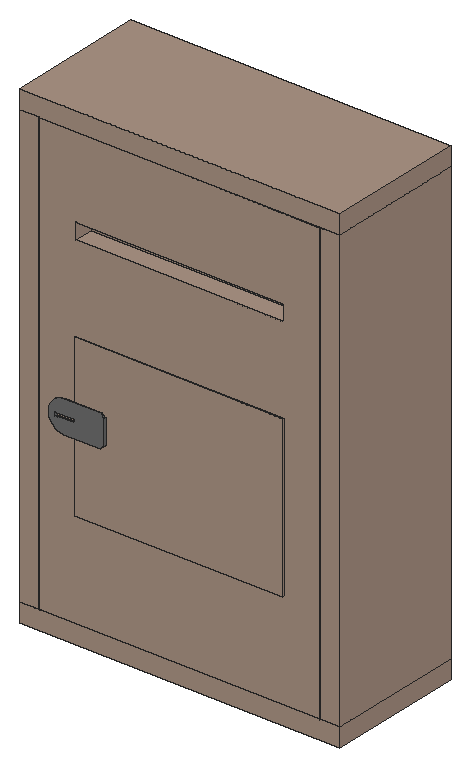
Revit family
Parameters (values of type "200 x 300 mm")
  Mounting Height = 1200 mm
  Material of Fixture = Fixture Material
  Material of Box = Box Material
Reference planes
  plane 1 "Center (Front/Back)": y = 0
  plane 2: z = 0
  plane 3 "Center (Left/Right)": x = 0
  plane 4: y = -87
  plane 5: z = 1200
  plane 6: z = 1500
  plane 7: x = -100
  plane 8: x = 100
Forms (mm)
  Extrusion 1, solid, material "Box Material" <- "Material of Box"
    sketch origin (0, 0, 1200) x (-1, 0, 0) y (0, -1, 0)
      loop
        line (100, 0) -> (100, 87) -> (-100, 87) -> (-100, 0) -> (100, 0)
    from 0 to 12
  Extrusion 2, solid, material "Box Material" <- "Material of Box"
    sketch origin (0, 0, 1200) x (-1, 0, 0) y (0, -1, 0)
      loop
        line (100, 0) -> (100, 87) -> (-100, 87) -> (-100, 0) -> (100, 0)
    from 288 to 300
  Extrusion 3, solid, material "Box Material" <- "Material of Box"
    sketch origin (0, 0, 1200) x (-1, 0, 0) y (0, -1, 0)
      loop
        line (100, 0) -> (100, 87) -> (88, 87) -> (88, 12) -> (-88, 12) -> (-88, 87) -> (-100, 87) -> (-100, 0) -> (100, 0)
    from 12 to 288
  Extrusion 4, solid, material "Box Material" <- "Material of Box"
    sketch origin (0, 0, 0) x (1, 0, 0) y (0, 0, 1)
      loop
        line (-88, 1488) -> (-88, 1212) -> (88, 1212) -> (88, 1488) -> (-88, 1488)
      loop
        line (-65, 1437.207) -> (-65, 1427.207) -> (65, 1427.207) -> (65, 1437.207) -> (-65, 1437.207)
      loop
        line (-65, 1373.135) -> (-65, 1272.9) -> (65, 1272.9) -> (65, 1373.135) -> (-65, 1373.135)
    from 75 to 87
  Extrusion 5, solid, material "Box Material" <- "Material of Box"
    sketch origin (0, 0, 1200) x (-1, 0, 0) y (0, -1, 0)
      loop
        line (65, 75) -> (65, 87.818) -> (-65, 87.818) -> (-65, 75) -> (65, 75)
    from 72.9 to 173.135
  Extrusion 6, solid, material "Fixture Material" <- "Material of Fixture"
    sketch origin (0, 0, 0) x (1, 0, 0) y (0, 0, 1)
      loop
        line (-48.224, 1336.694) -> (-70.91, 1336.694)
        arc (-70.91, 1336.694) -> (-80.91, 1326.694) -> (-70.91, 1316.694) r 10
        line (-70.91, 1316.694) -> (-48.224, 1316.694) -> (-45.849, 1319.068) -> (-45.849, 1334.319) -> (-48.224, 1336.694)
      loop
        line (-76.506, 1325.566) -> (-64.506, 1325.566) -> (-64.506, 1327.821) -> (-76.506, 1327.821) -> (-76.506, 1325.566)
    from 87.818 to 88.8
Lines and regions (mm)
  symbolic lines
    curve 1: line (-100, 0, 0) -> (100, 0, 0)
    curve 2: line (-100, -87, 0) -> (-100, 0, 0)
    curve 3: line (100, -87, 0) -> (-100, -87, 0)
    curve 4: line (100, 0, 0) -> (100, -87, 0)
Dimensions and locks
  plane 4 to plane 1 "Center (Front/Back)" = 87 mm
  "Mounting Height": plane 5 to level
  plane 6 to plane 5 = 300 mm
  equal spacing: plane 8, plane 3 "Center (Left/Right)", plane 7
  plane 8 to plane 7 = 200 mm
  plane 1 "Center (Front/Back)" to plane 4 = 87 mm
  aligned and locked: plane 1 "Center (Front/Back)" to Extrusion 1 sketch curve
  aligned and locked: plane 4 to Extrusion 1 sketch curve
  aligned and locked: Extrusion 2 sketch curve to Extrusion 1  (x3)
  aligned and locked: Extrusion 1 to Extrusion 2 sketch curve
  aligned and locked: Extrusion 3 sketch curve to Extrusion 1  (x3)
  aligned and locked: plane 4 to Extrusion 3 sketch curve
  aligned and locked: Extrusion 3 to Extrusion 2
  aligned and locked: Extrusion 3 to Extrusion 1
  aligned and locked: Extrusion 3 to Extrusion 4 sketch curve
  aligned and locked: Extrusion 4 sketch curve to Extrusion 3  (x3)
  aligned and locked: Extrusion 4 sketch curve to Extrusion 4 sketch curve  (x2)
  aligned and locked: plane 4 to Extrusion 4
  aligned and locked: plane 6 to Extrusion 2
  aligned and locked: plane 7 to Extrusion 3
  aligned and locked: plane 8 to Extrusion 3
  aligned and locked: Extrusion 5 sketch curve to Extrusion 4  (x3)
  aligned and locked: Extrusion 5 to Extrusion 4  (x2)
  aligned and locked: Extrusion 6 to Extrusion 5
Automatic sketch dimensions
  Extrusion 1 sketch curve to plane 8 = 0 mm
  Extrusion 1 sketch curve to plane 7 = 0 mm
  Extrusion 3 sketch curve to plane 7 = 0 mm
  Extrusion 3 sketch curve to Extrusion 3 sketch curve = 12 mm
  plane 7 to Extrusion 3 sketch curve = 12 mm
  plane 1 "Center (Front/Back)" to Extrusion 3 sketch curve = 12 mm
  plane 7 to Extrusion 4 sketch curve = 35 mm
  Extrusion 4 sketch curve to plane 8 = 35 mm
  Extrusion 4 sketch curve to Extrusion 4 sketch curve = 60.9 mm
  Extrusion 4 sketch curve to Extrusion 4 sketch curve = 100.235 mm
  Extrusion 4 sketch curve to Extrusion 4 sketch curve = 54.072 mm
  Extrusion 4 sketch curve to Extrusion 4 sketch curve = 10 mm
  plane 4 to Extrusion 5 sketch curve = 0.818 mm
  plane 7 to Extrusion 6 sketch curve = 23.494 mm
  Extrusion 6 sketch curve to Extrusion 6 sketch curve = 5.595 mm
  Extrusion 6 sketch curve to Extrusion 6 sketch curve = 6.405 mm
  Extrusion 6 sketch curve to Extrusion 6 sketch curve = 16.282 mm  (x2)
  Extrusion 6 sketch curve to Extrusion 6 sketch curve = 2.375 mm  (x3)
  plane 5 to Extrusion 6 sketch curve = 116.694 mm
  Extrusion 6 sketch curve to Extrusion 6 sketch curve = 8.873 mm
  Extrusion 6 sketch curve to Extrusion 6 sketch curve = 1.127 mm
  Extrusion 6 sketch curve to Extrusion 6 sketch curve = 2.254 mm
  curve 3 to plane 4 = 0 mm
  curve 3 to plane 7 = 0 mm
  curve 3 to plane 8 = 0 mm
  curve 2 to plane 1 "Center (Front/Back)" = 0 mm
